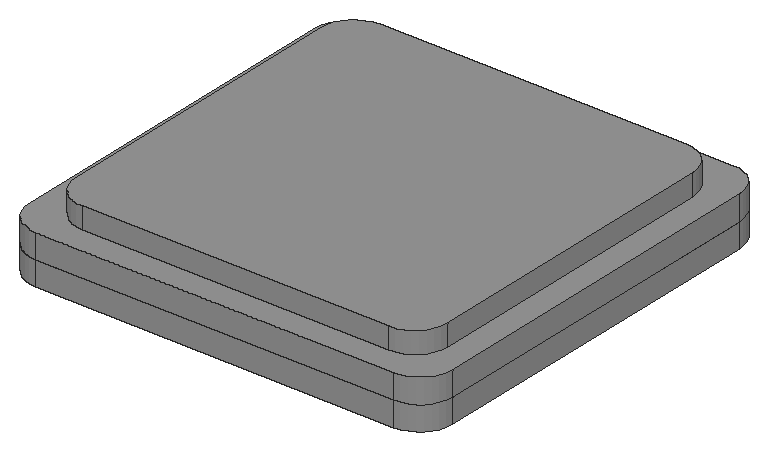
Revit family "FMS2_63_UN_Surface-mounted_ETK", category Lighting Fixtures, Revit 2019 (continued)
Definition of nested family "FMS.2 - Lightsource"
  Types (14, lengths in mm): name | Wattage Comments | Wattage | built-in parameter 1150134 | Photometric Web File | built-in parameter 1150142 | built-in parameter 1150105 | Lumens | built-in parameter 1150107 | built-in parameter 1150106 | Apparent Load
      8738\t70.73\t67.599\r\n64.4551\t61.3241\t58.206\t53.8559\t47.3886\t40.9212\t34.4668\t27.9994\t21.5449\t15.0776\r\n8.6193\t2.1596\t0\t0\t0\t0\t0\t0\t0\t0\r\n0\r\n473.6291\t473.2442\t472.8592\t472.4742\t472.0893\t471.7043\t471.3194\t470.9344\t470.5494\t470.1645\r\n469.6512\t469.1379\t468.6246\t468.1114\t467.5981\t466.9565\t466.4432\t465.8016\t465.2883\t464.6467\r\n464.0051\t463.3635\t462.7219\t462.0803\t461.4387\t460.1555\t458.6157\t457.0758\t455.4077\t453.7395\r\n452.1997\t450.5315\t448.8634\t447.1952\t445.527\t443.8589\t442.1907\t440.3942\t438.7261\t436.9296\r\n435.1331\t433.3366\t431.5402\t429.872\t428.0755\t426.279\t424.4826\t422.6861\t420.7613\t418.1949\r\n415.6285\t412.9338\t410.3674\t407.801\t405.2346\t402.6682\t399.9734\t397.407\t394.8406\t392.2742\r\n389.7078\t387.1414\t384.4467\t381.8803\t379.3139\t376.7475\t374.0528\t371.4864\t368.92\t366.3536\r\n363.6589\t360.7075\t357.4995\t354.4198\t351.2118\t348.0038\t344.7958\t341.5878\t338.3798\t335.3002\r\n332.0922\t329.0125\t325.8045\t322.7248\t319.5168\t316.4371\t313.3574\t310.1494\t307.0698\t303.8618\r\n300.6538\t297.5741\t294.2378\t290.7731\t287.4368\t283.9722\t280.6358\t277.1712\t273.8349\t270.3702\r\n266.9056\t263.5693\t260.1046\t256.7683\t253.3037\t249.9674\t246.631\t243.2947\t239.9584\t236.6221\r\n233.2858\t229.9494\t226.3565\t222.7635\t219.2989\t215.7059\t212.113\t208.6483\t205.0554\t201.5907\r\n197.9978\t194.5331\t191.0685\t187.4755\t184.0109\t180.5462\t176.9533\t173.4886\t170.024\t166.5594\r\n163.0947\t159.6301\t156.1654\t152.7008\t149.2362\t145.7715\t142.3069\t138.8422\t135.3776\t131.913\r\n128.4483\t125.0735\t121.6602\t118.2469\t114.8336\t111.4331\t108.0326\t104.6963\t101.5396\t98.3958\r\n95.2648\t92.1338\t89.0156\t85.8846\t82.7792\t79.6611\t76.5557\t73.4504\t70.3579\t67.2653\r\n64.1728\t61.0932\t58.0135\t54.9338\t50.3784\t43.9239\t37.4566\t31.0021\t24.5476\t18.0931\r\n11.6309\t5.1751\t0\t0\t0\t0\t0\t0\t0\t0\r\n0\r\n473.6291\t473.3725\t472.9875\t472.6026\t472.2176\t471.8326\t471.4477\t470.9344\t470.5494\t470.1645\r\n469.6512\t469.1379\t468.4963\t467.983\t467.3414\t466.8282\t466.1866\t465.545\t464.9034\t464.2618\r\n463.6202\t462.9786\t462.337\t461.567\t460.7971\t460.0272\t459.129\t457.4608\t455.7926\t454.1245\r\n452.4563\t450.9165\t449.12\t447.3235\t445.6554\t443.8589\t442.0624\t440.2659\t438.4694\t436.673\r\n434.8765\t433.08\t431.1552\t429.1021\t427.1773\t425.2525\t423.3277\t421.4029\t419.3498\t417.425\r\n415.3718\t413.3187\t410.7523\t408.0576\t405.4912\t402.7965\t400.1018\t397.407\t394.7123\t392.0176\r\n389.3229\t386.6282\t383.9334\t381.2387\t378.6723\t375.9776\t373.1546\t370.4598\t367.7651\t365.0704\r\n362.3757\t359.681\t356.9862\t354.1632\t351.4685\t348.2605\t345.0525\t341.8445\t338.6365\t335.4285\r\n332.2205\t328.8842\t325.6762\t322.4682\t319.2602\t315.9238\t312.7158\t309.5078\t306.1715\t302.9635\r\n299.7555\t296.5475\t293.3395\t290.2598\t287.1802\t283.9722\t280.5075\t277.0429\t273.5782\t270.1136\r\n266.5206\t263.056\t259.5914\t256.255\t252.7904\t249.4541\t245.9894\t242.5248\t239.1885\t235.8522\r\n232.3875\t229.0512\t225.7149\t222.3786\t219.1706\t215.7059\t212.113\t208.52\t204.927\t201.3341\r\n197.7411\t194.1482\t190.5552\t187.0906\t183.4976\t180.033\t176.5683\t172.9754\t169.5107\t166.0461\r\n162.5814\t159.1168\t155.6522\t152.1875\t148.7229\t145.2582\t141.7936\t138.329\t134.8643\t131.3997\r\n127.9607\t124.5474\t121.1341\t117.7336\t114.3331\t110.9583\t107.5835\t104.2215\t100.8595\t97.5489\r\n94.4435\t91.3382\t88.2585\t85.1788\t82.0991\t79.0323\t75.9783\t72.9243\t69.8702\t66.8291\r\n63.7879\t60.7595\t57.7312\t54.7156\t51.7001\t47.3501\t40.8956\t34.4283\t27.9738\t21.5064\r\n15.0519\t8.5974\t2.1404\t0\t0\t0\t0\t0\t0\t0\r\n0\r\n473.6291\t473.3725\t472.9875\t472.6026\t472.2176\t471.8326\t471.4477\t471.0627\t470.6778\t470.1645\r\n469.5229\t469.0096\t468.4963\t467.8547\t467.3414\t466.6998\t466.0582\t465.4166\t464.6467\t464.0051\r\n463.2352\t462.4653\t461.6954\t460.9254\t460.0272\t459.129\t458.2307\t457.3325\t456.4342\t454.7661\r\n452.9696\t451.1731\t449.3766\t447.5802\t445.7837\t443.9872\t442.1907\t440.3942\t438.4694\t436.4163\r\n434.4915\t432.4384\t430.5136\t428.4605\t426.5357\t424.4826\t422.4294\t420.5046\t418.4515\t416.3984\r\n414.217\t412.1638\t409.9824\t407.801\t405.6195\t403.0531\t400.3584\t397.6637\t394.8406\t392.1459\r\n389.4512\t386.7565\t383.8051\t380.9821\t378.159\t375.336\t372.513\t369.6899\t366.9952\t364.1722\r\n361.4774\t358.6544\t355.8314\t353.0083\t350.1853\t347.3622\t344.5392\t341.7162\t338.8931\t335.8134\r\n332.4771\t329.1408\t325.8045\t322.4682\t319.1318\t315.7955\t312.4592\t309.1229\t305.7866\t302.5786\r\n299.2422\t295.9059\t292.6979\t289.3616\t286.1536\t282.8173\t279.6093\t276.273\t273.065\t269.7286\r\n266.3923\t262.9277\t259.3347\t255.8701\t252.4054\t248.9408\t245.4762\t242.0115\t238.6752\t235.2106\r\n231.7459\t228.2813\t224.8166\t221.352\t218.0157\t214.551\t211.2147\t207.8784\t204.5421\t201.0774\r\n197.4845\t194.0198\t190.2986\t186.7056\t183.1126\t179.648\t176.055\t172.4621\t168.8691\t165.4045\r\n161.8115\t158.3469\t154.8822\t151.4176\t147.953\t144.4883\t141.152\t137.6874\t134.2227\t130.7581\r\n127.3319\t123.9315\t120.531\t117.1433\t113.7428\t110.3552\t106.9932\t103.6184\t100.2692\t96.9201\r\n93.5838\t90.2603\t87.1678\t84.1394\t81.1111\t78.0956\t75.0929\t72.0902\t69.1132\t66.149\r\n63.1976\t60.2462\t57.3077\t54.3692\t51.4435\t48.5306\t44.8478\t38.3677\t31.8747\t25.3945\r\n18.9144\t12.4393\t5.9605\t0\t0\t0\t0\t0\t0\t0\r\n0\r\n473.6291\t473.3725\t472.9875\t472.6026\t472.3459\t471.961\t471.576\t471.0627\t470.6778\t470.1645\r\n469.5229\t469.0096\t468.368\t467.8547\t467.2131\t466.5715\t465.9299\t465.16\t464.5184\t463.7485\r\n462.8502\t462.0803\t461.1821\t460.1555\t459.2573\t458.359\t457.4608\t456.4342\t455.4077\t454.2528\r\n453.0979\t451.8147\t450.0182\t448.2218\t446.4253\t444.5005\t442.4474\t440.3942\t438.4694\t436.4163\r\n434.4915\t432.4384\t430.3853\t428.3322\t426.279\t424.2259\t422.0445\t419.863\t417.6816\t415.3718\r\n413.1904\t411.009\t408.6992\t406.5178\t404.208\t402.0266\t399.8451\t397.407\t394.969\t392.6592\r\n389.7078\t386.8848\t383.9334\t381.1104\t378.2874\t375.336\t372.513\t369.5616\t366.6102\t363.6589\r\n360.7075\t357.7562\t354.8048\t351.9818\t349.0304\t346.2074\t343.256\t340.1763\t337.225\t334.2736\r\n331.4506\t328.4992\t325.5478\t322.5965\t319.6451\t316.1805\t312.7158\t309.3795\t305.9149\t302.4502\r\n299.1139\t295.6493\t292.1846\t288.8483\t285.3837\t282.0474\t278.8394\t275.503\t272.0384\t268.7021\r\n265.3658\t262.0294\t258.8214\t255.4851\t252.1488\t248.8125\t245.2195\t241.6266\t238.1619\t234.6973\r\n231.1043\t227.6397\t224.0467\t220.5821\t217.1174\t213.6528\t210.1882\t206.8518\t203.3872\t200.0509\r\n196.5862\t193.2499\t189.9136\t186.5773\t182.9843\t179.3914\t175.7984\t172.0771\t168.4842\t164.8912\r\n161.2982\t157.8336\t154.2406\t150.776\t147.183\t143.7184\t140.2538\t136.7891\t133.3245\t129.9882\r\n126.5364\t123.1102\t119.7097\t116.3221\t112.9473\t109.5724\t106.2233\t102.8741\t99.5378\t96.2143\r\n92.9165\t89.6187\t86.3465\t83.1\t79.9562\t77.0177\t74.092\t71.1791\t68.2791\t65.379\r\n62.4918\t59.6175\t56.7559\t53.8944\t51.0457\t48.2098\t45.3868\t42.5637\t36.2889\t29.7574\r\n23.2388\t16.7201\t10.1937\t3.67\t0\t0\t0\t0\t0\t0\r\n0\r\n473.6291\t473.3725\t472.9875\t472.7309\t472.3459\t471.961\t471.576\t471.191\t470.6778\t470.1645\r\n469.6512\t469.0096\t468.4963\t467.8547\t467.2131\t466.5715\t465.8016\t465.0317\t464.2618\t463.4918\r\n462.5936\t461.567\t460.6688\t459.6422\t458.744\t457.7174\t456.6909\t455.536\t454.3811\t453.0979\r\n451.943\t450.7882\t449.6333\t448.2218\t446.8102\t444.8854\t442.9606\t440.9075\t438.9827\t437.0579\r\n434.8765\t432.8234\t430.6419\t428.4605\t426.279\t424.0976\t421.9162\t419.6064\t417.2966\t414.9869\r\n412.6771\t410.3674\t408.0576\t405.7478\t403.3098\t400.8717\t398.4336\t395.9955\t393.4291\t390.991\r\n388.553\t386.1149\t383.6768\t381.1104\t378.4157\t375.721\t372.7696\t369.6899\t366.7386\t363.7872\r\n360.8358\t357.7562\t354.5482\t351.4685\t348.5171\t345.4374\t342.3578\t339.2781\t336.1984\t333.1187\r\n330.039\t326.9594\t323.8797\t320.8\t317.7203\t314.6406\t311.561\t308.6096\t305.5299\t302.4502\r\n299.3706\t296.0342\t292.4413\t289.105\t285.6403\t282.1757\t278.711\t275.1181\t271.6534\t268.1888\r\n264.7242\t261.2595\t257.7949\t254.4586\t250.9939\t247.5293\t244.193\t240.8566\t237.392\t234.0557\r\n230.7194\t227.383\t223.9184\t220.3254\t216.7325\t213.1395\t209.5466\t206.0819\t202.6173\t199.1526\r\n195.5597\t192.2234\t188.7587\t185.2941\t181.8294\t178.3648\t174.9002\t171.5638\t168.2275\t164.7629\r\n161.1699\t157.577\t153.984\t150.391\t146.7981\t143.3334\t139.7405\t136.2758\t132.6829\t129.2182\r\n125.8049\t122.3916\t119.004\t115.6163\t112.2287\t108.8539\t105.5047\t102.1684\t98.8706\t95.5856\r\n92.3262\t89.0797\t85.8461\t82.6381\t79.4301\t76.2606\t73.0911\t70.1269\t67.291\t64.468\r\n61.6578\t58.8604\t56.0758\t53.3041\t50.5581\t47.812\t45.066\t42.3456\t39.6252\t34.7619\r\n28.1534\t21.5321\t14.9236\t8.301\t1.6836\t0\t0\t0\t0\t0\r\n0\r\n473.6291\t473.3725\t473.1158\t472.7309\t472.4742\t472.0893\t471.7043\t471.3194\t470.8061\t470.1645\r\n469.6512\t469.1379\t468.4963\t467.8547\t467.2131\t466.4432\t465.8016\t464.9034\t464.1334\t463.2352\r\n462.2086\t461.3104\t460.2838\t459.3856\t458.2307\t457.2042\t456.0493\t454.7661\t453.4829\t452.328\r\n451.1731\t449.7616\t448.2218\t446.8102\t445.3987\t443.9872\t442.5757\t441.1642\t439.496\t437.8278\r\n435.6464\t433.465\t431.2835\t429.1021\t426.9206\t424.4826\t422.1728\t419.7347\t417.425\t415.1152\r\n412.6771\t410.3674\t407.801\t405.3629\t402.7965\t400.3584\t397.792\t395.2256\t392.7875\t390.0928\r\n387.3981\t384.7034\t382.137\t379.4422\t376.8758\t374.3094\t371.6147\t368.7917\t365.9686\t363.2739\r\n360.5792\t357.8845\t355.0614\t351.9818\t348.7738\t345.5658\t342.2294\t339.0214\t335.8134\t332.7338\r\n329.5258\t326.3178\t323.1098\t319.9018\t316.5654\t313.3574\t310.1494\t307.0698\t303.8618\t300.6538\r\n297.4458\t294.2378\t291.1581\t287.9501\t284.7421\t281.5341\t278.4544\t275.2464\t272.1667\t268.5738\r\n264.9808\t261.5162\t257.9232\t254.4586\t250.8656\t247.2726\t243.6797\t240.215\t236.6221\t233.1574\r\n229.6928\t226.2282\t222.8918\t219.4272\t215.9626\t212.4979\t209.0333\t205.697\t202.3606\t198.7677\r\n195.0464\t191.4534\t187.8605\t184.3958\t180.8029\t177.3382\t173.8736\t170.2806\t166.816\t163.3514\r\n160.015\t156.5504\t153.2141\t149.8778\t146.5414\t142.9485\t139.3555\t135.8909\t132.2979\t128.705\r\n125.2403\t121.7628\t118.2982\t114.8464\t111.4203\t108.0198\t104.645\t101.3215\t98.0493\t94.8028\r\n91.582\t88.3868\t85.1788\t82.0093\t78.8526\t75.7345\t72.642\t69.5623\t66.5083\t63.4671\r\n60.6184\t57.8723\t55.1648\t52.47\t49.7882\t47.1319\t44.5014\t41.8708\t39.2531\t36.6482\r\n33.7353\t26.9729\t20.2232\t13.4608\t6.6996\t0\t0\t0\t0\t0\r\n0\r\n473.6291\t473.3725\t473.1158\t472.8592\t472.4742\t472.2176\t471.8326\t471.4477\t470.8061\t470.2928\r\n469.7795\t469.2662\t468.6246\t467.983\t467.3414\t466.5715\t465.8016\t464.9034\t464.0051\t463.1069\r\n462.0803\t461.0538\t460.1555\t459.0006\t457.9741\t456.6909\t455.4077\t454.1245\t452.9696\t451.6864\r\n450.1466\t448.735\t447.1952\t445.7837\t444.3722\t442.8323\t441.2925\t439.6243\t437.8278\t436.1597\r\n434.4915\t432.8234\t431.0269\t429.1021\t427.1773\t425.2525\t423.071\t420.633\t418.3232\t415.8851\r\n413.3187\t410.8806\t408.3142\t405.7478\t403.1814\t400.615\t397.9203\t395.0973\t392.4026\t389.7078\r\n387.1414\t384.3184\t381.6237\t378.929\t376.1059\t373.2829\t370.4598\t367.7651\t364.8138\t361.9907\r\n359.0394\t356.088\t353.1366\t350.1853\t347.3622\t344.4109\t341.4595\t338.5082\t335.4285\t332.4771\r\n329.5258\t326.5744\t323.3664\t319.9018\t316.6938\t313.3574\t310.0211\t306.6848\t303.3485\t299.8838\r\n296.5475\t293.2112\t289.8749\t286.6669\t283.2022\t279.8659\t276.6579\t273.3216\t270.1136\t266.649\r\n263.3126\t260.1046\t256.8966\t253.6886\t250.3523\t247.2726\t243.9363\t240.6\t237.1354\t233.5424\r\n229.8211\t226.2282\t222.6352\t218.9139\t215.321\t211.8563\t208.2634\t204.6704\t201.0774\t197.6128\r\n194.0198\t190.5552\t187.0906\t183.7542\t180.2896\t176.6966\t173.232\t169.639\t166.0461\t162.4531\r\n158.9885\t155.5238\t152.0592\t148.5946\t145.1299\t141.6653\t138.329\t134.8643\t131.528\t128.1788\r\n124.7912\t121.4036\t117.7978\t114.3331\t110.9198\t107.5193\t104.1317\t100.7569\t97.4077\t94.0842\r\n90.7992\t87.5399\t84.3191\t81.1496\t78.0442\t74.9517\t71.8849\t68.8565\t65.841\t62.864\r\n59.9254\t57.0254\t54.1639\t51.4435\t48.8643\t46.3107\t43.77\t41.242\t38.7398\t36.2504\r\n33.7738\t31.2972\t26.4596\t19.4405\t12.4111\t5.3817\t0\t0\t0\t0\r\n0\r\n473.6291\t473.3725\t473.1158\t472.8592\t472.6026\t472.3459\t471.961\t471.4477\t470.9344\t470.4211\r\n469.9078\t469.3946\t468.753\t468.1114\t467.4698\t466.6998\t465.8016\t465.0317\t464.0051\t463.1069\r\n462.0803\t461.0538\t460.0272\t459.0006\t457.7174\t456.4342\t455.151\t453.8678\t452.5846\t451.0448\r\n449.6333\t448.0934\t446.6819\t445.1421\t443.6022\t441.9341\t440.1376\t438.4694\t436.8013\t435.0048\r\n433.2083\t431.2835\t429.3587\t427.4339\t425.3808\t423.456\t421.4029\t419.4781\t417.2966\t415.2435\r\n413.0621\t410.8806\t408.6992\t406.3894\t404.0797\t401.385\t398.6902\t395.9955\t393.3008\t390.4778\r\n387.6547\t384.8317\t382.137\t379.3139\t376.4909\t373.5395\t370.5882\t367.6368\t364.5571\t361.6058\r\n358.6544\t355.703\t352.6234\t349.5437\t346.464\t343.256\t340.1763\t337.225\t334.017\t330.9373\r\n327.8576\t324.7779\t321.6982\t318.4902\t315.4106\t312.0742\t308.8662\t305.6582\t302.5786\t299.4989\r\n296.2909\t292.9546\t289.8749\t286.6669\t283.3306\t279.7376\t276.273\t272.9366\t269.472\t266.0074\r\n262.5427\t259.0781\t255.6134\t252.1488\t248.8125\t245.3478\t241.8832\t238.4186\t234.9539\t231.6176\r\n228.2813\t224.945\t221.4803\t218.144\t214.8077\t211.4714\t208.135\t204.7987\t201.4624\t198.1261\r\n194.4048\t190.6835\t186.9622\t183.3693\t179.648\t176.1834\t172.5904\t168.9974\t165.4045\t161.9398\r\n158.2186\t154.6256\t151.161\t147.6963\t144.36\t140.8954\t137.559\t133.9661\t130.3731\t126.9341\r\n123.4695\t119.992\t116.5402\t113.1269\t109.8548\t106.6211\t103.4516\t100.2821\t97.1511\t93.7506\r\n90.3629\t86.9881\t83.6903\t80.4438\t77.2358\t74.092\t70.9995\t67.9711\t65.0069\t62.094\r\n59.2197\t56.3838\t53.5864\t50.8147\t48.0815\t45.3868\t42.7691\t40.331\t37.9314\t35.5575\r\n33.2092\t30.8866\t28.564\t26.2671\t19.2993\t11.8029\t4.2987\t0\t0\t0\r\n0\r\n473.6291\t473.5008\t473.2442\t472.9875\t472.7309\t472.4742\t472.0893\t471.7043\t471.191\t470.6778\r\n470.1645\t469.5229\t469.0096\t468.368\t467.5981\t466.8282\t466.0582\t465.16\t464.1334\t463.2352\r\n462.2086\t461.1821\t460.1555\t459.0006\t457.7174\t456.3059\t455.0227\t453.8678\t452.328\t450.9165\r\n449.3766\t447.8368\t446.297\t444.7571\t443.089\t441.4208\t439.6243\t437.8278\t436.0314\t434.2349\r\n432.3101\t430.257\t428.3322\t426.279\t424.2259\t422.1728\t420.1197\t417.9382\t415.7568\t413.447\r\n411.2656\t408.9558\t406.6461\t404.208\t401.7699\t399.3318\t397.0221\t394.4557\t391.8893\t389.4512\r\n386.8848\t384.4467\t381.8803\t379.1856\t376.4909\t373.7962\t370.9731\t368.2784\t365.712\t362.889\r\n359.681\t356.6013\t353.3933\t350.1853\t346.9773\t343.8976\t340.6896\t337.4816\t334.2736\t331.1939\r\n327.9859\t324.7779\t321.4416\t318.1053\t314.769\t311.561\t308.353\t305.0166\t301.6803\t298.344\r\n295.0077\t291.6714\t288.335\t284.9987\t281.6624\t278.3261\t274.9898\t271.6534\t268.3171\t264.9808\r\n261.7728\t258.3082\t254.8435\t251.3789\t248.0426\t244.7062\t241.4982\t238.1619\t234.6973\t231.1043\r\n227.6397\t224.3034\t220.7104\t217.1174\t213.5245\t209.9315\t206.3386\t202.8739\t199.5376\t195.9446\r\n192.48\t189.0154\t185.5507\t182.0861\t178.4931\t175.0285\t171.5638\t168.2275\t164.8912\t161.5549\r\n158.2186\t154.8822\t151.4176\t147.6963\t143.8467\t140.1254\t136.6608\t133.1962\t129.7315\t126.1771\r\n122.6483\t119.1195\t115.6676\t112.2928\t108.9565\t105.633\t102.2967\t98.8834\t95.4957\t92.1466\r\n88.8359\t85.6151\t82.4713\t79.3659\t76.2862\t73.2579\t70.191\t67.1242\t64.1087\t61.1573\r\n58.2701\t55.4599\t52.6882\t49.9806\t47.3116\t44.681\t42.1146\t39.5867\t37.1101\t34.6977\r\n32.4136\t30.1809\t27.9994\t25.8308\t23.7007\t20.1847\t11.8106\t3.4133\t0\t0\r\n0\r\n473.6291\t473.5008\t473.2442\t473.1158\t472.8592\t472.6026\t472.3459\t471.8326\t471.3194\t470.8061\r\n470.4211\t469.7795\t469.2662\t468.6246\t467.8547\t467.0848\t466.3149\t465.4166\t464.3901\t463.4918\r\n462.4653\t461.4387\t460.4122\t459.2573\t457.8458\t456.5626\t455.2794\t453.8678\t452.4563\t450.9165\r\n449.505\t447.9651\t446.4253\t444.7571\t442.9606\t441.2925\t439.496\t437.6995\t435.903\t433.9782\r\n431.9251\t429.872\t427.9472\t425.8941\t423.7126\t421.5312\t419.4781\t417.2966\t414.8586\t412.5488\r\n410.239\t407.9293\t405.4912\t403.0531\t400.615\t398.177\t395.4822\t392.9158\t390.3494\t387.9114\r\n385.2166\t382.6502\t379.8272\t377.0042\t374.3094\t371.4864\t368.7917\t365.9686\t363.1456\t360.3226\r\n357.3712\t354.2915\t351.3402\t348.3888\t345.4374\t342.4861\t339.5347\t336.5834\t333.632\t330.5523\r\n327.3443\t324.2646\t321.185\t318.1053\t315.0256\t311.8176\t308.7379\t305.5299\t302.3219\t299.2422\r\n296.0342\t292.6979\t289.105\t285.7686\t282.304\t278.9677\t275.503\t272.0384\t268.7021\t265.1091\r\n261.6445\t258.1798\t254.7152\t251.2506\t247.7859\t244.193\t240.6\t237.1354\t233.6707\t230.2061\r\n226.6131\t223.0202\t219.5555\t215.9626\t212.6262\t209.1616\t205.5686\t202.104\t198.6394\t195.0464\r\n191.5818\t188.1171\t184.5242\t181.0595\t177.5949\t174.1302\t170.6656\t167.201\t163.7363\t160.2717\r\n156.6787\t153.0858\t149.4928\t145.8998\t142.3069\t138.8422\t135.3776\t131.913\t128.4483\t125.0607\r\n121.6602\t118.2725\t114.8977\t111.5486\t108.3277\t105.1197\t101.9374\t98.6011\t95.1108\t91.6461\r\n88.22\t84.8708\t81.573\t78.3779\t75.2468\t72.18\t69.2286\t66.2644\t63.2361\t60.2847\r\n57.3975\t54.5873\t51.8798\t49.2236\t46.5417\t43.8469\t41.2292\t38.6885\t36.2247\t33.838\r\n31.5539\t29.3468\t27.191\t25.1122\t23.1618\t21.2498\t19.3892\t13.1913\t2.7255\t0\r\n0\r\n473.6291\t473.5008\t473.3725\t473.1158\t472.9875\t472.7309\t472.4742\t471.961\t471.576\t471.0627\r\n470.6778\t470.1645\t469.6512\t468.8813\t468.2397\t467.4698\t466.6998\t465.8016\t464.9034\t463.8768\r\n462.8502\t461.952\t460.9254\t459.6422\t458.2307\t456.9475\t455.7926\t454.2528\t452.8413\t451.4298\r\n449.8899\t448.3501\t446.81
      02\t445.1421\t443.3456\t441.6774\t439.881\t438.0845\t436.1597\t434.2349\r\n432.1818\t430.257\t428.2038\t426.0224\t423.841\t421.6595\t419.6064\t417.2966\t414.8586\t412.5488\r\n410.239\t407.801\t405.3629\t402.9248\t400.4867\t397.792\t395.0973\t392.5309\t390.0928\t387.3981\r\n384.8317\t382.0086\t379.0573\t376.3626\t373.5395\t370.7165\t367.8934\t365.0704\t362.119\t359.1677\r\n356.2163\t353.1366\t350.057\t347.1056\t344.0259\t341.0746\t338.1232\t335.0435\t331.9638\t328.7558\r\n325.5478\t322.3398\t319.2602\t316.0522\t312.8442\t309.6362\t306.4282\t303.0918\t299.8838\t296.5475\r\n293.2112\t290.0032\t286.6669\t283.4589\t280.1226\t276.7862\t273.5782\t270.2419\t266.7773\t263.441\r\n260.1046\t256.7683\t253.3037\t249.9674\t246.5027\t243.1664\t239.7018\t236.2371\t232.7725\t229.3078\r\n225.9715\t222.5069\t219.0422\t215.7059\t212.2413\t208.7766\t205.312\t201.719\t198.3827\t194.9181\r\n191.3251\t187.8605\t184.5242\t181.1878\t177.7232\t174.2586\t170.6656\t167.0726\t163.608\t160.1434\r\n156.5504\t153.0858\t149.3645\t145.6432\t142.0502\t138.329\t134.8643\t131.3997\t127.8324\t124.2266\r\n120.7748\t117.3486\t113.8583\t110.3552\t106.9291\t103.5286\t100.1794\t96.8688\t93.5453\t90.2603\r\n87.001\t83.7801\t80.6106\t77.5181\t74.3229\t71.2176\t68.1379\t65.1224\t62.1454\t59.2967\r\n56.5121\t53.7789\t51.1099\t48.4665\t45.6819\t42.9744\t40.3566\t37.8159\t35.3778\t33.0296\r\n30.784\t28.6667\t26.5494\t24.368\t22.3277\t20.5055\t18.8374\t17.49\t16.3865\t2.3149\r\n0" | 89.127 (stored number, unit not read) | 1120 lm | 3000 (stored number, unit not read) | 0.89127 (stored number, unit not read) | 18 VA
  Reference planes
    plane 1 "Center (Front/Back)": y = 0
    plane 2: z = 0
    plane 3 "Center (Left/Right)": x = 0
  Lines and regions (mm)
    reference lines
      curve 1: line (-0.477, 0, 0) -> (0.475, 0, 0)
  Dimensions and locks
    aligned and locked: level to plane 2
Types (3, lengths in mm): name | Symbol_Emergency Lighting | Model | Light Source
  (no name) | yes | "FMS.2" | FMS.2 - Lightsource : FMS.2100.10 - 260x260 / 18W / 1120lm / 3000K
  FMS.2100.10 - 260x260 / 18W / 1120lm / 3000K | yes | "FMS.2" | FMS.2 - Lightsource : FMS.2100.10 - 260x260 / 18W / 1120lm / 3000K
  FMS.2100.10N - 260x260 / 18W / 1120lm / 3000K | no | "FMK.1" | FMS.2 - Lightsource : FMS.2100.10N - 260x260 / 18W / 1120lm / 3000K
